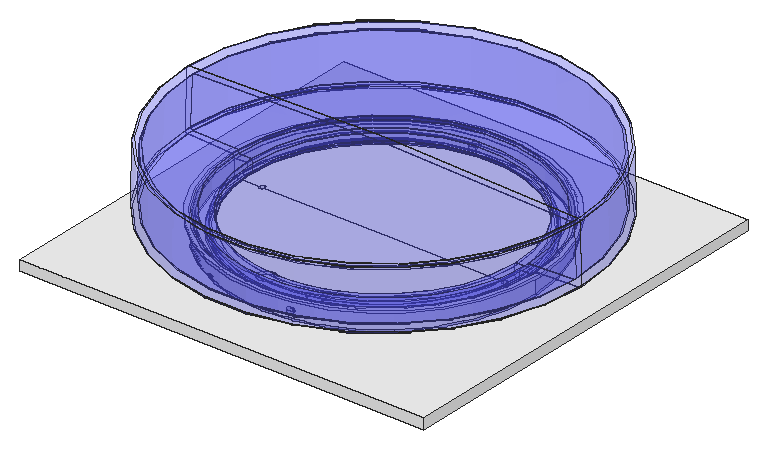
Revit family "BE_34288_de_DE", category Leuchten, Revit 2020
Family settings
  Basisbauteil = Fläche
  Bemaßung runder Anschluss = Durchmesser verwenden
  Teiletyp = Normal
  Beim Laden mit Abzugskörper schneiden = Ja
  Lichtquelle = Ja
  Gemeinsam genutzt = Nein
  Raumberechnungspunkt = Ja
Parameters (values of type "BEGA_34288_K3")
  built-in parameter 1150104 = 11.446 (stored number, unit not read)
  Wattage = 25.9 W
  Default Elevation = 0 mm
  built-in parameter 1150113 = 1 (stored number, unit not read)
  built-in parameter 1114218 = 1 (stored number, unit not read)
  Umgebungstemperatur = "25 °C"
  URL = "http://www.bega.de/de/produkt/34288"
  Typenkommentare = "© 2022 BEGA. Wir behalten uns das Recht vor, technische Änderungen ohne vorherige Ankündigung vorzunehmen."  # constant formula
  built-in parameter 1150134 = (empty or 0)
  built-in parameter 1150109 = 1 (stored number, unit not read)
  Strom = ""
  built-in parameter 1150110 = 1 (stored number, unit not read)
  Spannung = 239.996 V
  Sonderanfertigung = no
  Seriennummer [instance] = "Hier können Sie die eindeutige Seriennummer für das Facility Management eintragen."
  Schutzklasse = "I"
  Schutzart = "IP 44"
  Scheinlast = 0 VA
  Produktdatenblatt = "http://www.bega.de/download/Xrfa/db/34288.db.de.pdf"
  Oberflächentemperatur = ""
  Neigungswinkel = 0.00°
  Model = "34288K4"
  Material_17 = BEGA_Reflektor
  Material_15 = BEGA_Leuchtmedium_matt
  Material_11 = BEGA_Glas_opal
  Material_09 = BEGA_Glas_klar
  Material_06 = BEGA_Oberfläche_Edelstahl_gebürstet
  Material_05 = BEGA_Oberfläche_Aluminium Guss
  Material_03 = BEGA_Oberfläche_Weiss_matt
  Material_02 = BEGA_Oberfläche_Silber_matt
  Material_01 [instance] = BEGA_Oberfläche_Grafit_matt
  M_W = no
  M_G = no
  M_A = no
  Logo = 0
  built-in parameter 1114217 = 1 (stored number, unit not read)
  built-in parameter 1150139 = (empty or 0)
  built-in parameter 1150105 = 802.14 (stored number, unit not read)
  built-in parameter 1150114 = 1 (stored number, unit not read)
  Lumens = 3190.88 lm
  built-in parameter 1150115 = 1 (stored number, unit not read)
  Leuchtenlichtstrom = "2175 lm"
  Leuchtenanzahl = ""
  Lebensdauerkriterien = "L70B50 @ 25 °C = 148000 h"
  Lastklassifizierung = Beleuchtung
  built-in parameter 1150112 = 1 (stored number, unit not read)
  Lampenlichtstrom = "3190 lm"
  Lamp = "LED 25.9 W"
  LED_Modulbezeichnung = "LED-0570/940"
  Hersteller = "BEGA"  # constant formula
  Halbstreuwinkel = ""
  Gewicht = "4.0 kg"
  Gebrauchslageneinschränkung [instance] = ""
  Frequenz = "0/50-60 Hz"
  Farbwiedergabeindex = "CRI > 90"
  Farbtemperaturverschiebung bei Dämpfen der Lampe = <Keine Auswahl>
  Farbtemperatur = "4000 K"
  Color Filter = 16777215
  built-in parameter 1150133 = 10 (stored number, unit not read)
  Energieeffizienzklasse = "LED A++ - A"
  built-in parameter 1150137 = (empty or 0)
  built-in parameter 1150132 = (empty or 0)
  ENEC = ""
  Dimmbar [instance] = "DALI"
  Photometric Web File = "BE_34288K4.IES"
  CE_Konformität = "ja"
  Bestellnummer = "34288K4"
  Beschreibung_Sonderanfertigung = "Hier können Sie Informationen zur Sonderanfertigung eintragen."
  Beschreibung = "Decken- und Wandleuchte"
  built-in parameter 1150106 = 8.0214 (stored number, unit not read)
  Befestigungsbohrung = "Ø 5,5 mm"
  Befestigungsabstand = "240 mm"
  Ballwurfsicher = ""
  BEGA_Intern_aus = yes
  BEGA_Intern_an = yes
  BEGA_Intern_Konstruktion = yes
  BEGA_Intern = yes
  BEGA_IES = yes
  BEGA_Dummy = no
  Anschlussleitung = ""
  Anschlussleistung [instance] = "29.4 W"
  Anschlusskasten = ""
  built-in parameter 1150107 = 3000 (stored number, unit not read)
  built-in parameter 1150102 = (empty or 0)
  built-in parameter 1150138 = (empty or 0)
  Aktualisierung = "2019-07-04T04:00:11"
  Abstand_zur_angestrahlten_Fläche [instance] = ""
  AC/DC = "AC/DC"
Reference planes
  plane 1 "Mitte (Vorne/Hinten)": y = 0
  plane 2: z = 0
  plane 3 "Mitte (Links/Rechts)": x = 0
  plane 4 "Links": x = -195.948
  plane 5 "Rechts": x = 195.948
  plane 6 "Unten": y = -195.9
  plane 7 "Oben": y = 195.9
  plane 8 "Vorne": z = 91.23
  plane 9 "Hinten": z = 0
Forms (mm)
  Extrusion 1, solid, material "BEGA_Platte_Weiss"
    sketch origin (0, -1119.2, 0) x (1, 0, 0) y (0, 1, 0)
      loop
        line (-200, 1319.2) -> (-200, 919.2) -> (200, 919.2) -> (200, 1319.2) -> (-200, 1319.2)
    from 0 to -10
  Extrusion 2, solid, material "BEGA_Dummy_matt", visible <- "BEGA_Dummy"
    sketch origin (77.149, -76.023, 0) x (1, 0, 0) y (0, 1, 0)
      loop
        circle (-77.149, 76.023) r 195.948
    from 0 to 91.23
Dimensions and locks
  plane 1 "Mitte (Vorne/Hinten)" to Extrusion 1 = 200 mm
  aligned and locked: plane 2 to Extrusion 1
  aligned and locked: level to Extrusion 1
Nested families
  nested 1: "BE_34288" at (0, 0, 0), type "BE_34288"
Connectors
  electrical at (0, 0, 0), driven by "Lastklassifizierung", driven by "Spannung", driven by "Scheinlast"
    settings: index 1, voltage 239.996 V, apparent load 0 VA, apparent load phase1 0 VA, apparent load phase2 0 VA, apparent load phase3 0 VA, power factor 1, load classification "Beleuchtung", number of poles 1, system type 31, power factor state 1, is connector primary yes, connector utility no, sub classification motor no, connector description ""
Definition of nested family "BE_34288"
  Parameters (values of type "BE_34288")
    Default Elevation = 1 mm
    URL = "http://www.bega.de/de/produkt"
    Type Comments = "© 2015 BEGA. Wir behalten uns das Recht vor, technische Änderungen ohne vorherige Ankündigung vorzunehmen. "  # constant formula
    Type Image = (empty or 0)
    Neigungswinkel_um_Z2 = 0.00°
    Neigungswinkel_um_Z1 = 0.00°
    Neigungswinkel_um_Y2 = 0.00°
    Neigungswinkel_um_Y1 = 0.00°
    Neigungswinkel_um_X2 = 0.00°
    Neigungswinkel_um_X1 = 0.00°
    Material_17 = none
    Material_15 = none
    Material_11 = none
    Material_09 = none
    Material_06 = none
    Material_05 = none
    Material_03 = none
    Material_02 = none
    Material_01 = none
    M_W = yes
    M_G = yes
    M_A = yes
    Länge_Platte = 450 mm  # constant formula
    Höhe_Platte = -10 mm  # constant formula
    Manufacturer = "BEGA"  # constant formula
    Drehwinkel_um_Z2 = 0.00°
    Drehwinkel_um_Z1 = 0.00°
    Breite_Platte = 450 mm  # constant formula
  Reference planes
    plane 1 "Mitte (Oben/Unten)": y = 0
    plane 2: z = 0
    plane 3 "Mitte (Links/Rechts)": x = 0
    plane 4: x = -195.948
    plane 5: z = 91.23
    plane 6: x = 195.948
    plane 7: y = -195.9
    plane 8: y = 195.9
  Forms (mm)
    Extrusion 1, solid, detail levels medium
      sketch origin (0, 0, 0) x (1, 0, 0) y (0, 1, 0)
        loop
          line (-225, 225) -> (-225, -225) -> (225, -225) -> (225, 225) -> (-225, 225)
      from 0 to -10 <- "Höhe_Platte"
    Revolve 2, solid, material <- "Material_03", detail levels medium+fine
      sketch origin (0, 0, 0) x (1, 0, 0) y (0, 0, 1)
        loop
          line (-155, 22) -> (-150.815, 22) -> (-150.518, 4.944)
          arc (-150.518, 4.944) -> (-149.622, 2.854) -> (-147.518, 1.99) r 3
          line (-147.518, 1.99) -> (0, 1.99) -> (0, 4) -> (-147.518, 4)
          arc (-147.518, 4) -> (-148.219, 4.287) -> (-148.518, 4.983) r 1
          line (-148.518, 4.983) -> (-148.818, 22.171)
          arc (-148.818, 22.171) -> (-149.458, 23.474) -> (-150.811, 24) r 2
          line (-150.811, 24) -> (-155, 24) -> (-155, 22)
        axis (0, 1.99) -> (0, 24)
      angle from 0 to 360
    Revolve 3, solid, material <- "Material_03", detail levels medium+fine
      sketch origin (-20.712, 98.288, 0) x (-1, 0, 0) y (0, 0, 1)
        loop
          arc (-124.759, 2.845) -> (-122.212, 0.75) -> (-119, 0) r 7.249
          line (-119, 0) -> (-119, 2.845) -> (-124.759, 2.845)
        axis (-119, 0) -> (-119, 2.845)
      angle from 0 to 360
    Revolve 4, solid, material <- "Material_11", detail levels medium+fine
      sketch origin (0, 0, 0) x (1, 0, 0) y (0, 0, 1)
        loop
          arc (0, 91.23) -> (-96.315, 90.004) -> (-192.567, 86.325) r 3782.243
          arc (-192.567, 86.325) -> (-193.896, 85.724) -> (-194.464, 84.38) r 2
          line (-194.464, 84.38) -> (-195.948, 27.704)
          arc (-195.948, 27.704) -> (-195.403, 26.287) -> (-194.019, 25.661) r 2
          line (-194.019, 25.661) -> (-148.96, 24.087)
          arc (-148.96, 24.087) -> (-148.287, 21.659) -> (-146, 20.6) r 3
          line (-146, 20.6) -> (-135, 20.6) -> (-135, 14.367) -> (-138, 12.029) -> (-138, 8.6) -> (-135, 8.6) -> (-135, 10.613) -> (-132.71, 11.227)
          arc (-132.71, 11.227) -> (-130.575, 12.656) -> (-129.75, 15.089) r 4
          line (-129.75, 15.089) -> (-129.75, 21.91)
          arc (-129.75, 21.91) -> (-130.06, 23.971) -> (-130.964, 25.85) r 7
          line (-130.964, 25.85) -> (-143.75, 25.85) -> (-143.75, 29.159) -> (-188.631, 30.726)
          arc (-188.631, 30.726) -> (-190.017, 31.351) -> (-190.564, 32.769) r 2
          line (-190.564, 32.769) -> (-189.334, 79.381)
          arc (-189.334, 79.381) -> (-188.766, 80.726) -> (-187.434, 81.326) r 2
          arc (-187.434, 81.326) -> (-93.746, 84.816) -> (0, 85.98) r 3776.993
          line (0, 85.98) -> (0, 91.23)
        axis (0, 91.23) -> (0, 8.6)
      angle from 0 to 360
    Extrusion 5, void
      sketch origin (0, 0, 0) x (1, 0, 0) y (0, 1, 0)
        loop
          circle (-30, -107.5) r 8.5
        loop
          circle (20, -107.5) r 8.5
        loop
          circle (-120, 0) r 2.75
        loop
          circle (120, 0) r 2.75
      from 0 to 6
    Revolve 6, solid, material <- "Material_03", detail levels medium+fine
      sketch origin (98.288, 20.712, 0) x (0, 1, 0) y (0, 0, 1)
        loop
          arc (-124.759, 2.845) -> (-122.212, 0.75) -> (-119, 0) r 7.249
          line (-119, 0) -> (-119, 2.845) -> (-124.759, 2.845)
        axis (-119, 0) -> (-119, 2.845)
      angle from 0 to 360
    Revolve 7, solid, material <- "Material_03", detail levels medium+fine
      sketch origin (-98.288, -20.712, 0) x (0, -1, 0) y (0, 0, 1)
        loop
          arc (-124.759, 2.845) -> (-122.212, 0.75) -> (-119, 0) r 7.249
          line (-119, 0) -> (-119, 2.845) -> (-124.759, 2.845)
        axis (-119, 0) -> (-119, 2.845)
      angle from 0 to 360
    Revolve 8, solid, material <- "Material_03", detail levels medium+fine
      sketch origin (20.712, -98.288, 0) x (1, 0, 0) y (0, 0, 1)
        loop
          arc (-124.759, 2.845) -> (-122.212, 0.75) -> (-119, 0) r 7.249
          line (-119, 0) -> (-119, 2.845) -> (-124.759, 2.845)
        axis (-119, 0) -> (-119, 2.845)
      angle from 0 to 360
    Revolve 9, solid, material <- "Material_06", detail levels fine
      sketch origin (0, 0, 11.5) x (1, 0, 0) y (0, 1, 0)
        loop
          line (22.977, -149.027) -> (26.178, -148.463) -> (24.806, -140.684) -> (21.606, -141.249) -> (22.977, -149.027)
        axis (24.806, -140.684) -> (26.178, -148.463)
      angle from 0 to 360
    Revolve 10, solid, material <- "Material_06", detail levels fine
      sketch origin (0, 0, 11.5) x (0.939693, 0.34202, 0) y (-0.34202, 0.939693, 0)
        loop
          line (22.977, 149.027) -> (21.606, 141.249) -> (24.806, 140.684) -> (26.178, 148.463) -> (22.977, 149.027)
        axis (24.806, 140.684) -> (26.178, 148.463)
      angle from 0 to 360
  Cuts and joins
    Extrusion 5 cuts Revolve 2
    Extrusion 5 cuts Revolve 3
    joined: Revolve 2, Revolve 3, Revolve 6, Revolve 7, Revolve 8
  Dimensions and locks
    equal spacing: Extrusion 1 sketch curve, plane 3 "Mitte (Links/Rechts)", Extrusion 1 sketch curve
    equal spacing: Extrusion 1 sketch curve, plane 1 "Mitte (Oben/Unten)", Extrusion 1 sketch curve
    "Länge_Platte": Extrusion 1 sketch curve to Extrusion 1 sketch curve
    "Breite_Platte": Extrusion 1 sketch curve to Extrusion 1 sketch curve
    aligned and locked: Extrusion 1 to plane 2
    aligned and locked: level to Extrusion 1
  Automatic sketch dimensions
    Revolve 2 sketch curve to plane 3 "Mitte (Links/Rechts)" = 0 mm  (x2)
    level to Revolve 2 sketch curve = 4.993 mm
    Revolve 2 sketch curve to Revolve 2 sketch curve = 0 mm  (x4)
    level to Revolve 2 sketch curve = 4.983 mm
    Revolve 2 sketch curve to Revolve 2 sketch curve = 1 mm
    Revolve 2 sketch curve to Revolve 2 sketch curve = 0.3 mm
    level to Revolve 2 sketch curve = 4.944 mm
    Revolve 2 sketch curve to Revolve 2 sketch curve = 2 mm
    Revolve 2 sketch curve to Revolve 2 sketch curve = 1.993 mm
    Revolve 2 sketch curve to Revolve 2 sketch curve = 0.005 mm
    Revolve 2 sketch curve to Revolve 2 sketch curve = 4.185 mm
    level to Revolve 2 sketch curve = 1.99 mm
    Revolve 2 sketch curve to Revolve 2 sketch curve = 2.01 mm
    Revolve 2 sketch curve to Revolve 2 sketch curve = 17.056 mm
    Revolve 2 sketch curve to Revolve 2 sketch curve = 0.171 mm
    Revolve 2 sketch curve to Revolve 2 sketch curve = 0.569 mm
    level to Revolve 3 sketch curve = 2.845 mm
    Revolve 3 sketch curve to Revolve 3 sketch curve = 5.758 mm
    Revolve 3 sketch curve to Revolve 3 sketch curve = 0 mm  (x3)
    level to Revolve 3 sketch curve = 0 mm
    Revolve 3 sketch curve to Revolve 3 sketch curve = 0.469 mm
    plane 1 "Mitte (Oben/Unten)" to Extrusion 5 sketch curve = 0 mm  (x2)
    Extrusion 5 sketch curve to plane 3 "Mitte (Links/Rechts)" = 30 mm
    plane 3 "Mitte (Links/Rechts)" to Extrusion 5 sketch curve = 20 mm
    Extrusion 5 sketch curve to Extrusion 5 sketch curve = 0 mm
    level to Revolve 6 sketch curve = 2.845 mm
    Revolve 6 sketch curve to Revolve 6 sketch curve = 5.758 mm
    Revolve 6 sketch curve to Revolve 6 sketch curve = 0 mm  (x3)
    level to Revolve 6 sketch curve = 0 mm
    Revolve 6 sketch curve to Revolve 6 sketch curve = 0.469 mm
    level to Revolve 7 sketch curve = 2.845 mm
    Revolve 7 sketch curve to Revolve 7 sketch curve = 5.758 mm
    Revolve 7 sketch curve to Revolve 7 sketch curve = 0 mm  (x3)
    level to Revolve 7 sketch curve = 0 mm
    Revolve 7 sketch curve to Revolve 7 sketch curve = 0.469 mm
    level to Revolve 8 sketch curve = 2.845 mm
    Revolve 8 sketch curve to Revolve 8 sketch curve = 5.758 mm
    Revolve 8 sketch curve to Revolve 8 sketch curve = 0 mm  (x3)
    level to Revolve 8 sketch curve = 0 mm
    Revolve 8 sketch curve to Revolve 8 sketch curve = 0.469 mm
    plane 3 "Mitte (Links/Rechts)" to Revolve 9 sketch curve = 21.606 mm
    Revolve 9 sketch curve to Revolve 9 sketch curve = 1.371 mm
    Revolve 9 sketch curve to Revolve 9 sketch curve = 3.201 mm  (x2)
    Revolve 9 sketch curve to Revolve 9 sketch curve = 0.564 mm  (x2)
    Revolve 9 sketch curve to Revolve 9 sketch curve = 7.778 mm
    Revolve 9 sketch curve to Revolve 9 sketch curve = 0 mm  (x2)
    Revolve 9 sketch curve to Revolve 9 sketch curve = 0.068 mm
    Revolve 9 sketch curve to Revolve 9 sketch curve = 0.386 mm
    Revolve 10 sketch curve to plane 3 "Mitte (Links/Rechts)" = 28.007 mm
    Revolve 10 sketch curve to Revolve 10 sketch curve = 1.371 mm
    Revolve 10 sketch curve to Revolve 10 sketch curve = 3.201 mm  (x2)
    Revolve 10 sketch curve to Revolve 10 sketch curve = 0.564 mm  (x2)
    Revolve 10 sketch curve to Revolve 10 sketch curve = 7.778 mm
    Revolve 10 sketch curve to Revolve 10 sketch curve = 0 mm  (x2)
    Revolve 10 sketch curve to Revolve 10 sketch curve = 0.068 mm
    Revolve 10 sketch curve to Revolve 10 sketch curve = 0.386 mm
    Revolve 4 sketch curve to plane 3 "Mitte (Links/Rechts)" = 0 mm  (x3)
    Revolve 4 sketch curve to Revolve 4 sketch curve = 0.009 mm  (x2)
    level to Revolve 4 sketch curve = 11.227 mm
    Revolve 4 sketch curve to Revolve 4 sketch curve = 1.746 mm
    Revolve 4 sketch curve to Revolve 4 sketch curve = 1.04 mm
    level to Revolve 4 sketch curve = 14.367 mm
    Revolve 4 sketch curve to Revolve 4 sketch curve = 1.25 mm
    Revolve 4 sketch curve to Revolve 4 sketch curve = 2.29 mm
    Revolve 4 sketch curve to Revolve 4 sketch curve = 1.75 mm
    Revolve 4 sketch curve to Revolve 4 sketch curve = 3 mm  (x2)
    Revolve 4 sketch curve to Revolve 4 sketch curve = 7 mm
    Revolve 4 sketch curve to Revolve 4 sketch curve = 2.25 mm  (x2)
    Revolve 4 sketch curve to Revolve 4 sketch curve = 2.96 mm
    Revolve 4 sketch curve to Revolve 4 sketch curve = 0.067 mm
    Revolve 4 sketch curve to Revolve 4 sketch curve = 2 mm  (x2)
    Revolve 4 sketch curve to Revolve 4 sketch curve = 5.13 mm
    Revolve 4 sketch curve to Revolve 4 sketch curve = 3.385 mm
    Revolve 4 sketch curve to Revolve 4 sketch curve = 0.614 mm
    Revolve 4 sketch curve to Revolve 4 sketch curve = 2.013 mm
    Revolve 4 sketch curve to level = 3691.013 mm
    Revolve 4 sketch curve to Revolve 4 sketch curve = 0.001 mm
    Revolve 4 sketch curve to Revolve 4 sketch curve = 1.416 mm
    Revolve 4 sketch curve to Revolve 4 sketch curve = 0.722 mm
    Revolve 4 sketch curve to Revolve 4 sketch curve = 5.511 mm
    Revolve 4 sketch curve to Revolve 4 sketch curve = 1.31 mm
    Revolve 4 sketch curve to Revolve 4 sketch curve = 0.487 mm
    level to Revolve 4 sketch curve = 27.66 mm
    Revolve 4 sketch curve to Revolve 4 sketch curve = 0.045 mm
    Revolve 4 sketch curve to Revolve 4 sketch curve = 3.309 mm
    Revolve 4 sketch curve to Revolve 4 sketch curve = 3.066 mm
    Revolve 4 sketch curve to Revolve 4 sketch curve = 1.999 mm  (x3)
    Revolve 4 sketch curve to Revolve 4 sketch curve = 5.251 mm
    Revolve 4 sketch curve to Revolve 4 sketch curve = 0 mm  (x14)
    Revolve 4 sketch curve to Revolve 4 sketch curve = 0.07 mm
    Revolve 4 sketch curve to Revolve 4 sketch curve = 3.94 mm
    Revolve 4 sketch curve to Revolve 4 sketch curve = 46.604 mm
    Revolve 4 sketch curve to Revolve 4 sketch curve = 4.999 mm
    level to Revolve 4 sketch curve = 85.98 mm
    Revolve 4 sketch curve to Revolve 4 sketch curve = 20.725 mm
    Revolve 2 sketch curve to plane 3 "Mitte (Links/Rechts)" = 147.518 mm
    Revolve 4 sketch curve to plane 3 "Mitte (Links/Rechts)" = 130.964 mm
    Revolve 4 sketch curve to Revolve 4 sketch curve = 43.585 mm
    Revolve 4 sketch curve to Revolve 4 sketch curve = 39.604 mm
    Extrusion 5 sketch curve to plane 3 "Mitte (Links/Rechts)" = 120 mm
    Revolve 8 sketch curve to plane 3 "Mitte (Links/Rechts)" = 104.046 mm
    plane 3 "Mitte (Links/Rechts)" to Revolve 3 sketch curve = 104.046 mm
    plane 3 "Mitte (Links/Rechts)" to Extrusion 5 sketch curve = 120 mm
    plane 1 "Mitte (Oben/Unten)" to Extrusion 5 sketch curve = 107.5 mm
    plane 1 "Mitte (Oben/Unten)" to Revolve 6 sketch curve = 104.046 mm
    plane 1 "Mitte (Oben/Unten)" to Revolve 9 sketch curve = 149.027 mm
    Revolve 7 sketch curve to plane 1 "Mitte (Oben/Unten)" = 104.046 mm
    Revolve 10 sketch curve to plane 1 "Mitte (Oben/Unten)" = 140.12 mm
    radius of Extrusion 5 sketch curve = 8.5 mm  (x2)
    radius of Extrusion 5 sketch curve = 2.75 mm  (x2)
